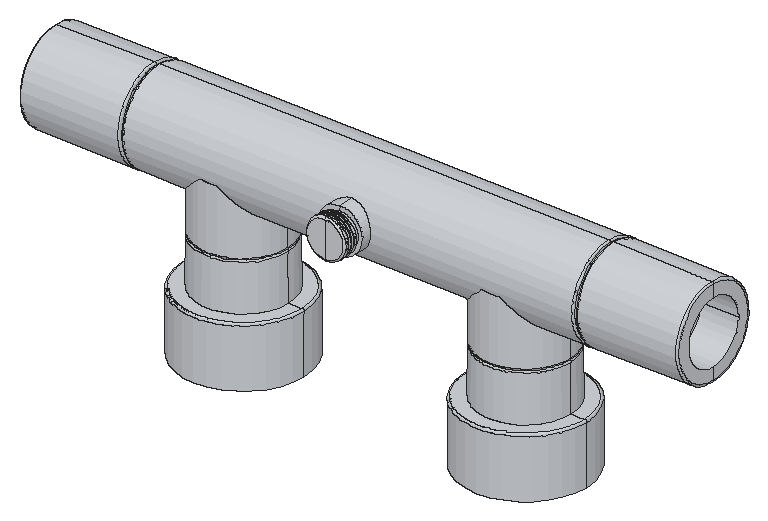
Revit family "Faucet-Bath_Shower-Mixer-KOHLER-COMPOSED-73110D", category Plumbing Fixtures, host Face, Revit 2017
Family settings
  Host = Face
  Round Connector Dimension = Use Diameter
  Part Type = Normal
  OmniClass Number = 23.31.11.00
  Cut with Voids When Loaded = No
  Shared = No
  Room Calculation Point = No
Parameters (values of type "CP-Polished Chrome")
  Width = 5 29/32"  # constant formula
  WaterSense Certified = 1 = 0  # no
  Waste Water Outlet = "Waste Water Outlet"  # constant formula
  Waste Connection = 1 = 0  # no
  Vent Connection = 1 = 0  # no
  URL = "https://www.kohler.co.uk/"
  Type = 1
  Product Page URL = ""
  Product Name = "COMPOSED"  # constant formula
  Product Documentation Link = ""
  Pressure = 0.00 psi
  Model = "73164D-CP"  # constant formula
  Material = "Premium Metal Construction"  # constant formula
  Master Format 2014 Name = "Residential Faucets, Supplies, and Trim"  # constant formula
  Master Format 2014 = "22 41 39"  # constant formula
  Manufacturer Address = "Cromwell Road, Cheltenham, Gloucestershire. GL52 5EP Registered in England No. 252115"  # constant formula
  Manufacturer = "KOHLER Co."  # constant formula
  Length = 4 51/64"  # constant formula
  Hot Water Inlet = "Hot Water Inlet"  # constant formula
  Height = 2 211/256"  # constant formula
  HW Connection = 1 = 1  # yes
  Flow Rate = 0 GPM
  Finish = Kohler-Metal-CP-Polished_Chrome
  Environmental Product Declaration = ""
  Drain Included = 1 = 0  # no
  Description = "Wall mount thermostatic shower mixer"  # constant formula
  Default Elevation = 36"
  Declare Label = ""
  Date Modified = "07/13/2021"  # constant formula
  Date Created = "07/13/2021"  # constant formula
  Copyright = "Copyright KOHLER Co."  # constant formula
  Contact Us = "https://www.kohler.co.uk/support/contact/"
  Cold Water Inlet = "Cold Water Inlet"  # constant formula
  CW Connection = 1 = 1  # yes
  Assembly Code = "D2010"
  ADA Compliant = 1 = 0  # no
Reference planes (in)
  plane 1 "Center (Front/Back)": y = 0
  plane 2: z = 0
  plane 3 "Center (Left/Right)": x = 0
  plane 4: y = 1.27866
  plane 5: y = -1.27952
  plane 6: z = 3.83858
  plane 7: x = -6.88189
  plane 8: x = 6.88189
  plane 9: x = -2.95276
  plane 10: x = -1.6741
  plane 11: x = -4.23142
  plane 12: x = 1.6741
  plane 13: x = 2.95349
  plane 14: x = 4.23142
  plane 15: z = 4.79687
  plane 16: z = 2.88013
  plane 17: y = -1.54556
Dimensions and locks (in)
  "Width": plane 9 to plane 13
  "Height": plane 17 to plane 4
  "Length": plane 15 to level
  aligned and locked: plane 2 to host face
  aligned and locked: level to host face
Automatic sketch dimensions
  host sketch curve to host sketch curve = 96"  (x2)
Nested families (in)
  nested 1: "73164D" at (0, 0, 0), type "73164D"
Connectors (in)
  piping at (-2.95276, 0, 0), diameter 0.5, driven by "HW Connection", driven by "Hot Water Inlet"
    settings: on nested 1, index 1, connector inside diameter 24", connector length 0", flow factor 0, pipe flow 0 GPM, pressure drop 0.00 psi, fitting loss kfactor 0, connector angle 0.00°, fixture units 0, engagement length 0", angle of deflection 0.00°, flow configuration 0, flow direction 1, fitting loss method 0, system type 19, joint type 0, gender type 0, connector reference index -1, connector utility 1, adjustable connector no, is connector primary yes, connector description "Hot Water Inlet"
  piping at (2.95276, 0, 0), diameter 0.5, driven by "CW Connection", driven by "Cold Water Inlet"
    settings: on nested 1, index 2, connector inside diameter 24", connector length 0", flow factor 0, pipe flow 0 GPM, pressure drop 0.00 psi, fitting loss kfactor 0, connector angle 0.00°, fixture units 0, engagement length 0", angle of deflection 0.00°, flow configuration 0, flow direction 1, fitting loss method 0, system type 20, joint type 0, gender type 0, connector reference index -1, connector utility 1, adjustable connector no, is connector primary no, connector description "Cold Water Inlet"
Definition of nested family "73164D"
  Parameters (values of type "73110D")
    Material = none
  Reference planes (in)
    plane 1 "Center (Front/Back)": y = 0
    plane 2: z = 0
    plane 3 "Center (Left/Right)": x = 0
    plane 4: y = 1.27952
    plane 5: z = 3.83858
    plane 6: y = -1.27952
    plane 7: x = -6.88189
    plane 8: x = -4.23142
    plane 9: x = -2.95276
    plane 10: z = 4.79627
    plane 11: z = 2.88013
    plane 12: x = 6.88189
    plane 13: x = 4.23142
    plane 14: x = 2.95276
    plane 15: x = -1.6741
    plane 16: x = 1.6741
  Forms (in)
    Revolve 1, solid, material <- "Material", detail levels medium+fine
      sketch origin (0, 0, 0) x (1, 0, 0) y (0, 0, 1)
        loop
          line (-2.95276, 0) -> (-2.95276, 3.71113) -> (-3.89687, 3.71113) -> (-3.89687, 2.29476)
          arc (-3.89687, 2.29476) -> (-3.88327, 2.27245) -> (-3.85861, 2.26378) r 0.03889
          arc (-3.85861, 2.26378) -> (-3.88598, 2.2524) -> (-3.89747, 2.22507) r 0.03905
          line (-3.89747, 2.22507) -> (-3.90579, 1.26105) -> (-4.18958, 1.26105)
          arc (-4.18958, 1.26105) -> (-4.21916, 1.2488) -> (-4.23142, 1.21922) r 0.04184
          line (-4.23142, 1.21922) -> (-4.23142, 0) -> (-2.95276, 0)
        axis (-2.95276, 3.71113) -> (-2.95276, 0)
      angle from 0 to 360
    Revolve 2, solid, material <- "Material", detail levels medium+fine
      sketch origin (0, 0, 0) x (1, 0, 0) y (0, 0, 1)
        loop
          line (4.69313, 4.79704) -> (-4.69313, 4.79704)
          arc (-4.69313, 4.79704) -> (-4.71578, 4.78735) -> (-4.72441, 4.76427) r 0.03131
          line (-4.72441, 4.76427) -> (-4.72441, 4.65999) -> (-4.77562, 4.65999) -> (-4.77385, 4.76163)
          arc (-4.77385, 4.76163) -> (-4.78384, 4.78652) -> (-4.80864, 4.79672) r 0.03449
          line (-4.80864, 4.79672) -> (-6.85081, 4.77826)
          arc (-6.85081, 4.77826) -> (-6.87368, 4.76809) -> (-6.88189, 4.74445) r 0.03146
          line (-6.88189, 4.74445) -> (-6.88189, 3.83858) -> (6.88189, 3.83858) -> (6.88189, 4.74445)
          arc (6.88189, 4.74445) -> (6.87368, 4.76809) -> (6.85081, 4.77826) r 0.03146
          line (6.85081, 4.77826) -> (4.80864, 4.79672)
          arc (4.80864, 4.79672) -> (4.78384, 4.78652) -> (4.77385, 4.76163) r 0.03449
          line (4.77385, 4.76163) -> (4.77562, 4.65999) -> (4.72441, 4.65999) -> (4.72441, 4.76427)
          arc (4.72441, 4.76427) -> (4.71578, 4.78735) -> (4.69313, 4.79704) r 0.03131
        axis (-6.88189, 3.83858) -> (6.88189, 3.83858)
      angle from 0 to 360
    Revolve 3, solid, material <- "Material", detail levels medium+fine
      sketch origin (0, 0, 0) x (0, 1, 0) y (0, 0, 1)
        loop
          line (-0.71271, 4.30052) -> (-1.15354, 4.30052) -> (-1.15354, 4.202) -> (-1.23228, 4.202) -> (-1.25946, 4.24908) -> (-1.29457, 4.24908) -> (-1.31133, 4.22005) -> (-1.32809, 4.24908) -> (-1.36433, 4.24908) -> (-1.38125, 4.21977) -> (-1.39816, 4.24908) -> (-1.43382, 4.24908) -> (-1.45181, 4.21791) -> (-1.47217, 4.25317) -> (-1.50839, 4.25317) -> (-1.54724, 4.21432) -> (-1.54724, 3.83604) -> (-0.71271, 3.83604) -> (-0.71271, 4.30052)
        axis (-0.71271, 3.83604) -> (-1.54724, 3.83604)
      angle from 0 to 360
    Extrusion 4, void
      sketch origin (0, 0, 0) x (1, 0, 0) y (0, 0, 1)
        loop
          line (-5.08038, 2.98119) -> (-6.56758, 2.98119)
          arc (-6.56758, 2.98119) -> (-6.63989, 2.93529) -> (-6.62913, 2.85032) r 0.07991
          line (-6.62913, 2.85032) -> (-4.976, 2.85032)
          arc (-4.976, 2.85032) -> (-4.99668, 2.94089) -> (-5.08038, 2.98119) r 0.10706
      from -0.32099 to 0.33268
    Extrusion 5, void
      sketch origin (0, 0, 0) x (-1, 0, 0) y (0, 0, -1)
        loop
          arc (-5.08038, -2.98119) -> (-4.99418, -2.93763) -> (-4.97813, -2.84239) r 0.10706
          line (-4.97813, -2.84239) -> (-6.62159, -2.84239)
          arc (-6.62159, -2.84239) -> (-6.64205, -2.93026) -> (-6.56758, -2.98119) r 0.07991
          line (-6.56758, -2.98119) -> (-5.08038, -2.98119)
      from -0.32099 to 0.33268
    Revolve 6, solid, material <- "Material", detail levels medium+fine
      sketch origin (0, 0, 0) x (-1, 0, 0) y (0, 0, 1)
        loop
          line (-2.95276, 0) -> (-2.95276, 3.71113) -> (-3.89687, 3.71113) -> (-3.89687, 2.29476)
          arc (-3.89687, 2.29476) -> (-3.88327, 2.27245) -> (-3.85861, 2.26378) r 0.03889
          arc (-3.85861, 2.26378) -> (-3.88598, 2.2524) -> (-3.89747, 2.22507) r 0.03905
          line (-3.89747, 2.22507) -> (-3.90579, 1.26105) -> (-4.18958, 1.26105)
          arc (-4.18958, 1.26105) -> (-4.21916, 1.2488) -> (-4.23142, 1.21922) r 0.04184
          line (-4.23142, 1.21922) -> (-4.23142, 0) -> (-2.95276, 0)
        axis (-2.95276, 3.71113) -> (-2.95276, 0)
      angle from 0 to 360
    Extrusion 7, void
      sketch origin (0, 0, 0) x (0, 1, 0) y (0, 0, 1)
        loop
          circle (0, 3.83858) r 0.65319
      from 6.0866 to 9.84252
    Extrusion 8, void
      sketch origin (0, 0, 0) x (0, 1, 0) y (0, 0, -1)
        loop
          circle (0, -3.83858) r 0.65319
      from 6.0866 to 9.84252
    Revolve 9, solid, material <- "Material", detail levels coarse
      sketch origin (0, 0, 0) x (1, 0, 0) y (0, 0, 1)
        loop
          line (-2.95276, 0) -> (-2.95276, 3.9725) -> (-3.90586, 3.9725) -> (-3.90586, 1.30228) -> (-4.33071, 1.30228) -> (-4.33071, 0) -> (-2.95276, 0)
        axis (-2.95276, 3.9725) -> (-2.95276, 0)
      angle from 0 to 360
    Revolve 10, solid, material <- "Material", detail levels coarse
      sketch origin (0, 0, 0) x (-1, 0, 0) y (0, 0, 1)
        loop
          line (-2.95276, 0) -> (-2.95276, 3.79798) -> (-3.90586, 3.79798) -> (-3.90586, 1.30228) -> (-4.33071, 1.30228) -> (-4.33071, 0) -> (-2.95276, 0)
        axis (-2.95276, 3.79798) -> (-2.95276, 0)
      angle from 0 to 360
    Revolve 11, solid, material <- "Material", detail levels coarse
      sketch origin (0, 0, 0) x (1, 0, 0) y (0, 0, 1)
        loop
          line (-6.88189, 3.83858) -> (6.88189, 3.83858) -> (6.88189, 4.84287) -> (-6.88189, 4.84287) -> (-6.88189, 3.83858)
        axis (6.88189, 3.83858) -> (-6.88189, 3.83858)
      angle from 0 to 360
    Extrusion 12, solid, material <- "Material"
      sketch origin (0, 0, 0) x (1, 0, 0) y (0, 1, 0)
        loop
          circle (-2.95276, 0) r 0.10089
      from 0 to 0.23163
    Extrusion 13, solid, material <- "Material"
      sketch origin (0, 0, 0) x (-1, 0, 0) y (0, -1, 0)
        loop
          circle (-2.95276, 0) r 0.10089
      from 0 to 0.23163
  Cuts and joins
    Extrusion 4, Extrusion 5, Extrusion 7, Extrusion 8 cuts Revolve 1
    Extrusion 4, Extrusion 5, Extrusion 7, Extrusion 8 cuts Revolve 2
    Extrusion 4, Extrusion 5, Extrusion 7, Extrusion 8 cuts Revolve 3
    Extrusion 7, Extrusion 8 cuts Revolve 6
    joined: Revolve 1, Revolve 2, Revolve 3, Revolve 6
  Lines and regions (in)
    Masking region 1
      outline origin (0, 0, 0) x (0, 1, 0) y (0, 0, 1)
        loop
          line (0, 0) -> (1.27866, 0) -> (1.27866, 1.21817)
          arc (1.27866, 1.21817) -> (1.26604, 1.24863) -> (1.23558, 1.26125) r 0.04308
          line (1.23558, 1.26125) -> (0.95329, 1.26125) -> (0.94536, 2.22662)
          arc (0.94536, 2.22662) -> (0.93355, 2.25364) -> (0.90585, 2.26378) r 0.03752
          arc (0.90585, 2.26378) -> (0.93001, 2.27306) -> (0.94411, 2.29476) r 0.04191
          line (0.94411, 2.29476) -> (0.94411, 2.89243) -> (0.94411, 3.67339)
          arc (0.94411, 3.67339) -> (0.31787, 4.74279) -> (-0.83979, 4.30052) r 0.95846
          line (-0.83979, 4.30052) -> (-1.15354, 4.30052) -> (-1.15354, 4.202) -> (-1.23228, 4.202) -> (-1.25946, 4.24908) -> (-1.29457, 4.24908) -> (-1.31133, 4.22005) -> (-1.32809, 4.24908) -> (-1.36433, 4.24908) -> (-1.38125, 4.21977) -> (-1.39816, 4.24908) -> (-1.43382, 4.24908) -> (-1.45181, 4.21791) -> (-1.47217, 4.25317) -> (-1.50839, 4.25317) -> (-1.54724, 4.21432) -> (-1.54724, 3.83243) -> (-1.54724, 3.45669) -> (-1.50839, 3.41784) -> (-1.47217, 3.41784) -> (-1.45181, 3.45311) -> (-1.43382, 3.42194) -> (-1.39816, 3.42194) -> (-1.38125, 3.45124) -> (-1.36433, 3.42194) -> (-1.32809, 3.42194) -> (-1.31133, 3.45096) -> (-1.29457, 3.42194) -> (-1.25946, 3.42194) -> (-1.23228, 3.46901) -> (-1.15354, 3.46901) -> (-1.15354, 3.37049) -> (-0.94411, 3.37049) -> (-0.94411, 2.29476)
          arc (-0.94411, 2.29476) -> (-0.93001, 2.27306) -> (-0.90585, 2.26378) r 0.04191
          arc (-0.90585, 2.26378) -> (-0.93355, 2.25364) -> (-0.94536, 2.22662) r 0.03752
          line (-0.94536, 2.22662) -> (-0.95329, 1.26125) -> (-1.23558, 1.26125)
          arc (-1.23558, 1.26125) -> (-1.26604, 1.24863) -> (-1.27866, 1.21817) r 0.04308
          line (-1.27866, 1.21817) -> (-1.27866, 0) -> (0, 0)
    Masking region 2
      outline origin (0, 0, 0) x (1, 0, 0) y (0, 0, 1)
        loop
          line (4.23142, 0) -> (4.23142, 1.22195)
          arc (4.23142, 1.22195) -> (4.21978, 1.25006) -> (4.19168, 1.2617) r 0.03974
          line (4.19168, 1.2617) -> (3.90623, 1.2617) -> (3.89739, 2.2246)
          arc (3.89739, 2.2246) -> (3.88595, 2.25206) -> (3.85861, 2.26378) r 0.03955
          arc (3.85861, 2.26378) -> (3.8834, 2.27229) -> (3.89687, 2.29476) r 0.0382
          line (3.89687, 2.29476) -> (3.89687, 2.89243) -> (4.69297, 2.89243)
          arc (4.69297, 2.89243) -> (4.71477, 2.90146) -> (4.7238, 2.92325) r 0.03082
          line (4.7238, 2.92325) -> (4.7238, 3.02942) -> (4.77385, 3.02942) -> (4.77385, 2.92814)
          arc (4.77385, 2.92814) -> (4.78474, 2.90245) -> (4.81078, 2.89243) r 0.03573
          line (4.81078, 2.89243) -> (4.9749, 2.89243)
          arc (4.9749, 2.89243) -> (4.98498, 2.92421) -> (5.00513, 2.95077) r 0.09816
          line (5.00513, 2.95077) -> (6.6141, 2.96625)
          arc (6.6141, 2.96625) -> (6.63671, 2.94136) -> (6.64708, 2.90937) r 0.07991
          line (6.64708, 2.90937) -> (6.8459, 2.91122)
          arc (6.8459, 2.91122) -> (6.87049, 2.92109) -> (6.88189, 2.94502) r 0.03643
          line (6.88189, 2.94502) -> (6.88189, 3.83858) -> (6.88189, 4.73214)
          arc (6.88189, 4.73214) -> (6.87049, 4.75608) -> (6.84589, 4.76595) r 0.03643
          line (6.84589, 4.76595) -> (4.81078, 4.78474)
          arc (4.81078, 4.78474) -> (4.78474, 4.77471) -> (4.77385, 4.74903) r 0.03573
          line (4.77385, 4.74903) -> (4.77385, 4.64775) -> (4.7238, 4.64775) -> (4.7238, 4.75391)
          arc (4.7238, 4.75391) -> (4.71477, 4.77571) -> (4.69297, 4.78474) r 0.03082
          line (4.69297, 4.78474) -> (-0.25566, 4.78474) -> (-4.69297, 4.78474)
          arc (-4.69297, 4.78474) -> (-4.71477, 4.77571) -> (-4.7238, 4.75391) r 0.03082
          line (-4.7238, 4.75391) -> (-4.7238, 4.64775) -> (-4.77385, 4.64775) -> (-4.77385, 4.74903)
          arc (-4.77385, 4.74903) -> (-4.78474, 4.77471) -> (-4.81078, 4.78474) r 0.03573
          line (-4.81078, 4.78474) -> (-6.84589, 4.76595)
          arc (-6.84589, 4.76595) -> (-6.87049, 4.75608) -> (-6.88189, 4.73214) r 0.03643
          line (-6.88189, 4.73214) -> (-6.88189, 3.83858) -> (-6.88189, 2.94502)
          arc (-6.88189, 2.94502) -> (-6.87049, 2.92109) -> (-6.8459, 2.91122) r 0.03643
          line (-6.8459, 2.91122) -> (-6.64708, 2.90937)
          arc (-6.64708, 2.90937) -> (-6.63671, 2.94136) -> (-6.6141, 2.96625) r 0.07991
          line (-6.6141, 2.96625) -> (-5.00513, 2.95077)
          arc (-5.00513, 2.95077) -> (-4.98498, 2.92421) -> (-4.9749, 2.89243) r 0.09816
          line (-4.9749, 2.89243) -> (-4.81078, 2.89243)
          arc (-4.81078, 2.89243) -> (-4.78474, 2.90245) -> (-4.77385, 2.92814) r 0.03573
          line (-4.77385, 2.92814) -> (-4.77385, 3.02942) -> (-4.7238, 3.02942) -> (-4.7238, 2.92325)
          arc (-4.7238, 2.92325) -> (-4.71477, 2.90146) -> (-4.69297, 2.89243) r 0.03082
          line (-4.69297, 2.89243) -> (-3.89687, 2.89243) -> (-3.89687, 2.29476)
          arc (-3.89687, 2.29476) -> (-3.8834, 2.27229) -> (-3.85861, 2.26378) r 0.0382
          arc (-3.85861, 2.26378) -> (-3.88595, 2.25206) -> (-3.89739, 2.2246) r 0.03955
          line (-3.89739, 2.2246) -> (-3.90623, 1.2617) -> (-4.19168, 1.2617)
          arc (-4.19168, 1.2617) -> (-4.21978, 1.25006) -> (-4.23142, 1.22195) r 0.03974
          line (-4.23142, 1.22195) -> (-4.23142, 0) -> (-1.6741, 0) -> (-1.6741, 1.22195)
          arc (-1.6741, 1.22195) -> (-1.68574, 1.25006) -> (-1.71384, 1.2617) r 0.03974
          line (-1.71384, 1.2617) -> (-1.99928, 1.2617) -> (-2.00812, 2.2246)
          arc (-2.00812, 2.2246) -> (-2.01956, 2.25206) -> (-2.0469, 2.26378) r 0.03955
          arc (-2.0469, 2.26378) -> (-2.02212, 2.27229) -> (-2.00864, 2.29476) r 0.0382
          line (-2.00864, 2.29476) -> (-2.00864, 2.89243) -> (2.00864, 2.89243) -> (2.00864, 2.29476)
          arc (2.00864, 2.29476) -> (2.02212, 2.27229) -> (2.0469, 2.26378) r 0.0382
          arc (2.0469, 2.26378) -> (2.01956, 2.25206) -> (2.00812, 2.2246) r 0.03955
          line (2.00812, 2.2246) -> (1.99928, 1.2617) -> (1.71384, 1.2617)
          arc (1.71384, 1.2617) -> (1.68574, 1.25006) -> (1.6741, 1.22195) r 0.03974
          line (1.6741, 1.22195) -> (1.6741, 0) -> (4.23142, 0)
    Masking region 3
      outline origin (0, 0, 0) x (1, 0, 0) y (0, 1, 0)
        loop
          line (-6.88189, 0) -> (-6.88189, -0.89356)
          arc (-6.88189, -0.89356) -> (-6.87189, -0.9177) -> (-6.84776, -0.92769) r 0.03413
          line (-6.84776, -0.92769) -> (-4.80636, -0.94691)
          arc (-4.80636, -0.94691) -> (-4.78194, -0.93617) -> (-4.77385, -0.91074) r 0.03242
          line (-4.77385, -0.91074) -> (-4.77385, -0.80911) -> (-4.72441, -0.80911) -> (-4.72441, -0.9132)
          arc (-4.72441, -0.9132) -> (-4.71491, -0.93614) -> (-4.69198, -0.94564) r 0.03243
          line (-4.69198, -0.94564) -> (-3.81342, -0.94564)
          arc (-3.81342, -0.94564) -> (-2.95314, -1.27866) -> (-2.09266, -0.94615) r 1.27866
          line (-2.09266, -0.94615) -> (-0.46434, -0.94615) -> (-0.46434, -1.15354) -> (-0.36596, -1.15354) -> (-0.36596, -1.23228) -> (-0.41303, -1.25946) -> (-0.41303, -1.29457) -> (-0.38401, -1.31133) -> (-0.41303, -1.32809) -> (-0.41303, -1.36433) -> (-0.38373, -1.38125) -> (-0.41303, -1.39816) -> (-0.41303, -1.43382) -> (-0.38186, -1.45181) -> (-0.41713, -1.47217) -> (-0.41713, -1.50839) -> (-0.37828, -1.54724) -> (0, -1.54724) -> (0.37828, -1.54724) -> (0.41713, -1.50839) -> (0.41713, -1.47217) -> (0.38186, -1.45181) -> (0.41303, -1.43382) -> (0.41303, -1.39816) -> (0.38373, -1.38125) -> (0.41303, -1.36433) -> (0.41303, -1.32809) -> (0.38401, -1.31133) -> (0.41303, -1.29457) -> (0.41303, -1.25946) -> (0.36596, -1.23228) -> (0.36596, -1.15354) -> (0.46434, -1.15354) -> (0.46434, -0.94615) -> (2.09266, -0.94615)
          arc (2.09266, -0.94615) -> (2.95314, -1.27866) -> (3.81342, -0.94564) r 1.27866
          line (3.81342, -0.94564) -> (4.69198, -0.94564)
          arc (4.69198, -0.94564) -> (4.71491, -0.93614) -> (4.72441, -0.9132) r 0.03243
          line (4.72441, -0.9132) -> (4.72441, -0.80911) -> (4.77385, -0.80911) -> (4.77385, -0.91074)
          arc (4.77385, -0.91074) -> (4.78194, -0.93617) -> (4.80636, -0.94691) r 0.03242
          line (4.80636, -0.94691) -> (6.84776, -0.92769)
          arc (6.84776, -0.92769) -> (6.87189, -0.9177) -> (6.88189, -0.89356) r 0.03413
          line (6.88189, -0.89356) -> (6.88189, 0) -> (6.88189, 0.89356)
          arc (6.88189, 0.89356) -> (6.87189, 0.9177) -> (6.84776, 0.92769) r 0.03413
          line (6.84776, 0.92769) -> (4.80636, 0.94691)
          arc (4.80636, 0.94691) -> (4.78194, 0.93617) -> (4.77385, 0.91074) r 0.03242
          line (4.77385, 0.91074) -> (4.77385, 0.80911) -> (4.72441, 0.80911) -> (4.72441, 0.91091)
          arc (4.72441, 0.91091) -> (4.71598, 0.93406) -> (4.69464, 0.94639) r 0.03602
          line (4.69464, 0.94639) -> (3.8126, 0.94639)
          arc (3.8126, 0.94639) -> (2.95258, 1.27866) -> (2.09266, 0.94615) r 1.27866
          line (2.09266, 0.94615) -> (0.15846, 0.94615) -> (-2.09266, 0.94615)
          arc (-2.09266, 0.94615) -> (-2.95258, 1.27866) -> (-3.8126, 0.94639) r 1.27866
          line (-3.8126, 0.94639) -> (-4.69464, 0.94639)
          arc (-4.69464, 0.94639) -> (-4.71598, 0.93406) -> (-4.72441, 0.91091) r 0.03602
          line (-4.72441, 0.91091) -> (-4.72441, 0.80911) -> (-4.77385, 0.80911) -> (-4.77385, 0.91074)
          arc (-4.77385, 0.91074) -> (-4.78194, 0.93617) -> (-4.80636, 0.94691) r 0.03242
          line (-4.80636, 0.94691) -> (-6.84776, 0.92769)
          arc (-6.84776, 0.92769) -> (-6.87189, 0.9177) -> (-6.88189, 0.89356) r 0.03413
          line (-6.88189, 0.89356) -> (-6.88189, 0)
    symbolic lines, detail levels medium+fine
      curve 1: line (-4.72441, 0, 0) -> (-4.72441, -0.91339, 0)
      curve 2: line (-4.77562, 0, 0) -> (-4.77562, -0.91074, 0)
      curve 3: line (-4.72441, 0.91339, 0) -> (-4.72441, 0, 0)
      curve 4: line (-4.77562, 0.91074, 0) -> (-4.77562, 0, 0)
      curve 5: line (-2.09266, 0.94615, 0) -> (-3.81285, 0.94615, 0)
      curve 6: line (-2.09266, -0.94615, 0) -> (-3.81285, -0.94615, 0)
      curve 7: line (4.72441, 0, 0) -> (4.72441, -0.91339, 0)
      curve 8: line (4.77562, 0, 0) -> (4.77562, -0.91074, 0)
      curve 9: line (4.72441, 0.91339, 0) -> (4.72441, 0, 0)
      curve 10: line (4.77562, 0.91074, 0) -> (4.77562, 0, 0)
      curve 11: line (2.09266, 0.94615, 0) -> (3.81285, 0.94615, 0)
      curve 12: line (2.09266, -0.94615, 0) -> (3.81285, -0.94615, 0)
      curve 13: arc (-0.46434, -0.94615, 0) -> (0, -0.81439, 0) -> (0.46434, -0.94615, 0) r 0.88404
      curve 14: line (-0.46448, -1.15354, 0) -> (0, -1.15354, 0)
      curve 15: line (0, -1.15354, 0) -> (0.46448, -1.15354, 0)
      curve 16: line (-0.41713, -1.50839, 0) -> (0.41713, -1.50839, 0)
      curve 17: line (0.41713, -1.47217, 0) -> (-0.41713, -1.47217, 0)
      curve 18: line (-0.41303, -1.43382, 0) -> (0.41303, -1.43382, 0)
      curve 19: line (0.38186, -1.45181, 0) -> (-0.38186, -1.45181, 0)
      curve 20: line (-0.41303, -1.39816, 0) -> (0.41303, -1.39816, 0)
      curve 21: line (0.38373, -1.38125, 0) -> (-0.38373, -1.38125, 0)
      curve 22: line (0.41303, -1.36433, 0) -> (-0.41303, -1.36433, 0)
      curve 23: line (0.41303, -1.32809, 0) -> (-0.41303, -1.32809, 0)
      curve 24: line (0.38401, -1.31133, 0) -> (-0.38401, -1.31133, 0)
      curve 25: line (0.41303, -1.29457, 0) -> (-0.41303, -1.29457, 0)
      curve 26: line (0.41303, -1.25946, 0) -> (-0.41303, -1.25946, 0)
      curve 27: line (0.36596, -1.23228, 0) -> (-0.36596, -1.23228, 0)
      curve 28: line (4.77385, 0, 4.74933) -> (4.77385, 0, 2.92784)
      curve 29: line (4.72441, 0, 4.75197) -> (4.72441, 0, 2.9252)
      curve 30: line (4.18958, 0, 1.26105) -> (1.71593, 0, 1.26105)
      curve 31: line (2.0469, 0, 2.26378) -> (3.85861, 0, 2.26378)
      curve 32: line (2.00864, 0, 2.29476) -> (3.89687, 0, 2.29476)
      curve 33: line (3.89687, 0, 2.89243) -> (3.26559, 0, 3.51965)
      curve 34: line (3.26559, 0, 3.51965) -> (2.63992, 0, 3.51965)
      curve 35: line (2.63992, 0, 3.51965) -> (2.00864, 0, 2.89243)
      curve 36: line (-4.77385, 0, 4.74933) -> (-4.77385, 0, 2.92784)
      curve 37: line (-4.72441, 0, 4.75197) -> (-4.72441, 0, 2.9252)
      curve 38: line (-4.18958, 0, 1.26105) -> (-1.71593, 0, 1.26105)
      curve 39: line (-2.0469, 0, 2.26378) -> (-3.85861, 0, 2.26378)
      curve 40: line (-2.00864, 0, 2.29476) -> (-3.89687, 0, 2.29476)
      curve 41: line (-3.89687, 0, 2.89243) -> (-3.26559, 0, 3.51965)
      curve 42: line (-3.26559, 0, 3.51965) -> (-2.63992, 0, 3.51965)
      curve 43: line (-2.63992, 0, 3.51965) -> (-2.00864, 0, 2.89243)
      curve 44: line (0, 0, 1.26105) -> (0, 1.23682, 1.26105)
      curve 45: line (0, -1.23682, 1.26105) -> (0, 0, 1.26105)
      curve 46: line (0, 0.90585, 2.26378) -> (0, -0.90983, 2.26378)
      curve 47: line (0, -0.94411, 2.29476) -> (0, 0.94411, 2.29476)
      curve 48: arc (0, 0, 2.88013) -> (0, -0.82504, 3.35079) -> (0, -0.83979, 4.30052) r 0.95846
      curve 49: arc (0, 0, 2.91554) -> (0, 0.92305, 3.83858) -> (0, 0, 4.76163) r 0.92305
      curve 50: line (0, -1.15354, 4.30052) -> (0, -1.15354, 3.37157)
      curve 51: line (0, -1.23228, 3.47009) -> (0, -1.23228, 4.202)
      curve 52: line (0, -1.25946, 3.42301) -> (0, -1.25946, 4.24908)
      curve 53: line (0, -1.29457, 3.42301) -> (0, -1.29457, 4.24908)
      curve 54: line (0, -1.31133, 3.45203) -> (0, -1.31133, 4.22005)
      curve 55: line (0, -1.32809, 3.42301) -> (0, -1.32809, 4.24908)
      curve 56: line (0, -1.36433, 3.42301) -> (0, -1.36433, 4.24908)
      curve 57: line (0, -1.38125, 3.45231) -> (0, -1.38125, 4.21977)
      curve 58: line (0, -1.39816, 3.42301) -> (0, -1.39816, 4.24908)
      curve 59: line (0, -1.43382, 3.42301) -> (0, -1.43382, 4.24908)
      curve 60: line (0, -1.45181, 3.45418) -> (0, -1.45181, 4.21791)
      curve 61: line (0, -1.47217, 3.41891) -> (0, -1.47217, 4.25317)
      curve 62: line (0, -1.50839, 3.41891) -> (0, -1.50839, 4.25317)
      curve 63: line (0, -0.94411, 3.37049) -> (0, -0.94411, 3.67339)
      curve 64: arc (0, 0, 2.91554) -> (0, -0.92305, 3.83858) -> (0, 0, 4.76163) r 0.92305
      curve 65: arc (0, -0.65319, 3.83858) -> (0, 0, 4.49177) -> (0, 0.65319, 3.83858) r 0.65319
      curve 66: arc (0, 0.65319, 3.83858) -> (0, 0, 3.18539) -> (0, -0.65319, 3.83858) r 0.65319
      curve 67: arc (0, 0, 4.65999) -> (0, 0.82141, 3.83858) -> (0, 0, 3.01718) r 0.82141
      curve 68: arc (0, 0, 3.01718) -> (0, -0.82141, 3.83858) -> (0, 0, 4.65999) r 0.82141
      curve 69: arc (0, 0, 2.88013) -> (0, 0.62124, 3.10872) -> (0, 0.94615, 3.68547) r 0.95846
  Dimensions and locks (in)
    plane 7 to plane 12 = 13.76378"  (x2)
    plane 9 to plane 14 = 5.90551"
    plane 8 to plane 15 = 2.55732"
    aligned and locked: level to plane 2
